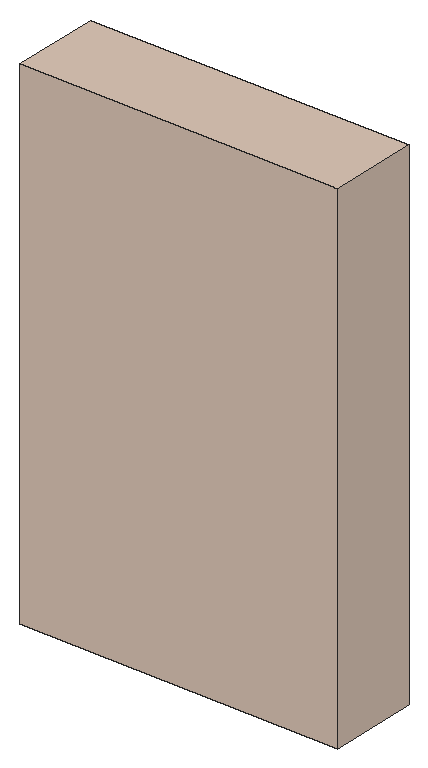
Revit family "Niche_NobleCompany_302", category Generic Models, host Wall, Revit 2015
Parameters (values of type "302 Arched")
  Width = 1' - 2 1/4"
  URL = "www.noblecompany.com"
  Tile Thickness [instance] = 0' - 0 1/4"
  Thickness = 0' - 1 1/8"
  Specification = ""
  Sales Information = "http://noblecompany.com/contact/"
  Revision = "R1_09-2016"
  Product Properties = "http://noblecompany.com/products/noble-niches"
  Product Data = "http://www.arcat.com/arcatcos/cos34/arc34489.html"
  Niche Material = Acrylic Polymer Finish
  Model = "302"
  Manufacturer Website = "www.noblecompany.com"
  Manufacturer Phone - Toll Free = "800-878-5788"
  Manufacturer Phone = "231-799-8000"
  Manufacturer Fax = "231-799-8850"
  Manufacturer Address = "P. O. Box 350, Grand Haven, MI 49417-0350"
  Manufacturer = "Noble Company"
  Keynote = "10 28 00"
  Installation-Fabrication = "http://noblecompany.com/storage/docs/resources/NN062016-13_Noble_Niche_Installation_Instruction.pdf"
  Instal Height [instance] = 5' - 0"
  Height = 1' - 10 1/2"
  Drawn By = "Sumex Design - Robert S Weygant"
  Description = "302 Arched Niche"
  Depth = 0' - 4"
  Copyright = "� 2016 ARCAT Inc."
  Construction Details = ""
  Assembly Code = "D2010700"
Reference planes (in)
  plane 1: y = 0
  plane 2 "Center (Left/Right)": x = 0
  plane 3 "Wall Edge": y = 3
  plane 4: x = -7.125
  plane 5: y = 2.75
  plane 6: y = -1.25
  plane 7: x = 7.125
  plane 8: z = 60
  plane 9: z = 37.5
  plane 10: x = -6
  plane 11: x = 6
  plane 12: y = -0.75
  plane 13: z = 38.75
  plane 14: z = 58.875
Forms (in)
  Extrusion 1, void
    sketch origin (0, 0, 0) x (1, 0, 0) y (0, 1, 0)
      loop
        line (-7.125, 2.75) -> (-7.125, -1.25) -> (7.125, -1.25) -> (7.125, 2.75) -> (-7.125, 2.75)
    from 37.5 to 60
  Extrusion 2, solid, material "Acrylic Polymer Finish" <- "Niche Material"
    sketch origin (0, 0, 0) x (1, 0, 0) y (0, 1, 0)
      loop
        line (-7.125, 2.75) -> (-7.125, -1.25) -> (7.125, -1.25) -> (7.125, 2.75) -> (-7.125, 2.75)
    from 37.5 to 60
  Extrusion 3, void
    sketch origin (0, 3, 0) x (1, 0, 0) y (0, 0, 1)
      loop
        line (6, 38.75) -> (6, 52.625) -> (0, 58.875) -> (-6, 52.625) -> (-6, 38.75) -> (6, 38.75)
    from 0 to 3.75
Cuts and joins
  Extrusion 3 cuts Extrusion 2
Text (in)
  text "Placement Side" at (0, 40.15149, 123.01588), in view "Right"
  text "Placement Side" at (-105.78919, 39.84311, 0), in view "Ref. Level"
  text "Placement Side" at (0, 81.62555, 140.59947), in view "Left"
Dimensions and locks (in)
  host wall to plane 3 "Wall Edge" = 0' - 0"
  equal spacing: plane 4, plane 2 "Center (Left/Right)", plane 7
  "Width": plane 4 to plane 7
  "Depth": plane 5 to plane 6
  "Height": plane 9 to plane 8
  "Instal Height": level to plane 8
  locked: plane 12 to plane 6 at 0.5
  locked: plane 4 to plane 10 at 1.125
  locked: plane 11 to plane 7 at 1.125
  "Thickness": plane 14 to plane 8
  plane 9 to plane 13 = 0' - 1 1/4"
  plane 9 to Extrusion 3 sketch curve = 1' - 3 1/8"  (x2)
  host wall to plane 5 = 0' - 0 1/4"
  "Tile Thickness": plane 5 to plane 3 "Wall Edge"
  aligned and locked: Extrusion 1 sketch curve to plane 5
  aligned and locked: plane 4 to Extrusion 1 sketch curve
  aligned and locked: plane 6 to Extrusion 1 sketch curve
  aligned and locked: plane 7 to Extrusion 1 sketch curve
  aligned and locked: plane 8 to Extrusion 1
  aligned and locked: Extrusion 1 to plane 9
  aligned and locked: Extrusion 2 sketch curve to plane 5
  aligned and locked: plane 4 to Extrusion 2 sketch curve
  aligned and locked: plane 6 to Extrusion 2 sketch curve
  aligned and locked: plane 7 to Extrusion 2 sketch curve
  aligned and locked: plane 8 to Extrusion 2
  aligned and locked: Extrusion 2 to plane 9
  aligned and locked: plane 11 to Extrusion 3 sketch curve
  aligned and locked: plane 10 to Extrusion 3 sketch curve
  aligned and locked: Extrusion 3 to plane 12
  aligned and locked: Extrusion 3 sketch curve to plane 13
  aligned and locked: Extrusion 3 to plane 3 "Wall Edge"
  aligned and locked: plane 3 "Wall Edge" to host wall
Automatic sketch dimensions
  Extrusion 3 sketch curve to plane 2 "Center (Left/Right)" = 0' - 0"
  Extrusion 3 sketch curve to plane 14 = 0' - 0"
